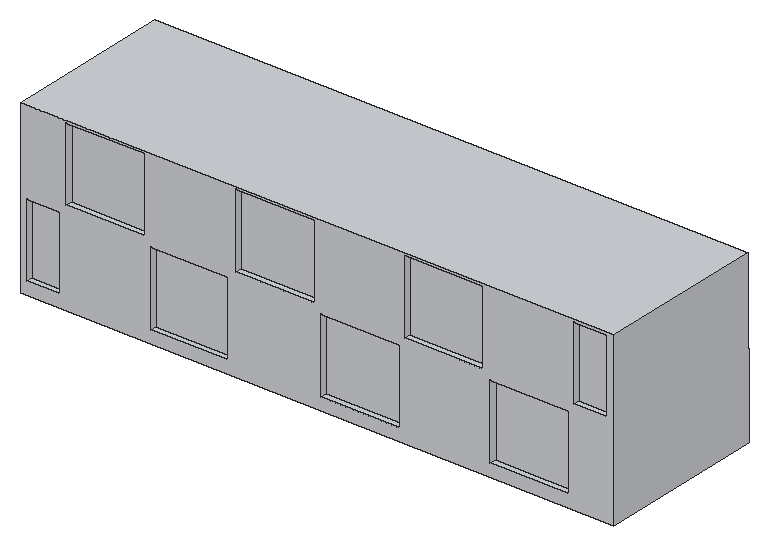
Revit family "SA_3H7W", category Generic Models, Revit 2019
Family settings
  Can host rebar = No
  Round Connector Dimension = Use Diameter
  Part Type = Normal
  Work Plane-Based = No
  Always vertical = Yes
  Cut with Voids When Loaded = No
  Shared = No
  Room Calculation Point = No
Parameters
  Width = 5' - 4 1/2"
  Weight (lbs) = "2798"
  URL = "www.renewaire.com"
  Model = "3H7W SA"
  Manufacturer = "Renewaire LLC"
  Length = 19' - 0"
  Height = 5' - 5 5/8"
  Description = "Energy Recovery Ventilator"
  Cores (L125-G5) = "21"
  Airflow Range (CFM) = "5,250-23,100"
Reference planes (in)
  plane 1 "Center (Front/Back)": y = 0
  plane 2: z = 0
  plane 3 "Center (Left/Right)": x = 0
Forms (in)
  Extrusion 1, solid
    sketch origin (0, 0, 0) x (1, 0, 0) y (0, 0, 1)
      loop
        line (0, 0) -> (228, 0) -> (228, 65.5) -> (0, 65.5) -> (0, 0)
    from 0 to 64.5
  Extrusion 2, void
    sketch origin (0.125, -32, -12.10338) x (1, 0, 0) y (0, 0, 1)
      loop
        line (2.375, 45.43107) -> (2.375, 16.93107) -> (15, 16.93107) -> (15, 45.43107) -> (2.375, 45.43107)
      loop
        line (50, 45.43107) -> (50, 16.93107) -> (79.40836, 16.93107) -> (79.40836, 45.43107) -> (50, 45.43107)
      loop
        line (47.75055, 76.93107) -> (17.5, 76.93107) -> (17.5, 48.43107) -> (47.75055, 48.43107) -> (47.75055, 76.93107)
      loop
        line (82.71498, 76.93107) -> (82.71498, 48.43107) -> (112.96498, 48.43107) -> (112.96498, 76.93107) -> (82.71498, 76.93107)
      loop
        line (115.375, 45.43107) -> (115.375, 16.93107) -> (145.625, 16.93107) -> (145.625, 45.43107) -> (115.375, 45.43107)
      loop
        line (147.41792, 76.93107) -> (147.41792, 48.43107) -> (177.66792, 48.43107) -> (177.66792, 76.93107) -> (147.41792, 76.93107)
      loop
        line (180.375, 45.43107) -> (180.375, 16.93107) -> (210.625, 16.93107) -> (210.625, 45.43107) -> (180.375, 45.43107)
      loop
        line (212.5187, 76.93107) -> (212.5187, 48.43107) -> (225.1437, 48.43107) -> (225.1437, 76.93107) -> (212.5187, 76.93107)
    from 30 to 34
  Extrusion 3, void
    sketch origin (0.125, 32, -11.9505) x (1, 0, 0) y (0, 0, 1)
      loop
        line (2.375, 45.43107) -> (2.375, 16.93107) -> (15, 16.93107) -> (15, 45.43107) -> (2.375, 45.43107)
      loop
        line (50, 45.43107) -> (50, 16.93107) -> (79.40836, 16.93107) -> (79.40836, 45.43107) -> (50, 45.43107)
      loop
        line (47.75055, 76.93107) -> (17.5, 76.93107) -> (17.5, 48.43107) -> (47.75055, 48.43107) -> (47.75055, 76.93107)
      loop
        line (81.53281, 76.93107) -> (81.53281, 48.43107) -> (111.78281, 48.43107) -> (111.78281, 76.93107) -> (81.53281, 76.93107)
      loop
        line (114.375, 45.43107) -> (114.375, 16.93107) -> (144.625, 16.93107) -> (144.625, 45.43107) -> (114.375, 45.43107)
      loop
        line (147.37439, 76.93107) -> (147.37439, 48.43107) -> (177.62439, 48.43107) -> (177.62439, 76.93107) -> (147.37439, 76.93107)
      loop
        line (180.375, 45.43107) -> (180.375, 16.93107) -> (210.625, 16.93107) -> (210.625, 45.43107) -> (180.375, 45.43107)
      loop
        line (212.79454, 76.93107) -> (212.79454, 48.43107) -> (225.16954, 48.43107) -> (225.16954, 76.93107) -> (212.79454, 76.93107)
    from 30 to 34
Cuts and joins
  Extrusion 2, Extrusion 3 cuts Extrusion 1
Dimensions and locks (in)
  aligned and locked: plane 2 to level
